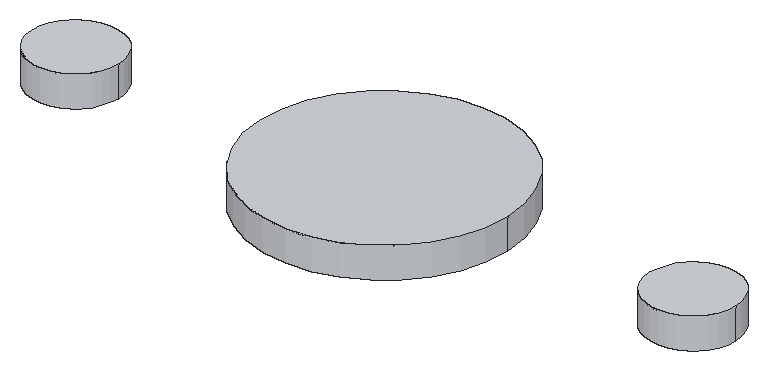
Revit family "Fi_Attentes_EU_EC_EF", category Appareils sanitaires, Revit 2017
Family settings
  Cote de connecteur circulaire = Utiliser le rayon
  Type d'élément = Normal
  Basée sur le plan de construction = Non
  Toujours verticalement = Oui
  Couper avec des vides une fois chargée = Non
  Partagée = Non
  Point de calcul de pièce = Non
Parameters (values of type "Bac a laver")
  Visibilite EU = yes
  Visibilite EF = yes
  Visibilite EC = yes
  Ventilation = yes
  RN EU = DN EU / 2  # 20 mm
  RN EF-EC = DN EF_EC / 2  # 7 mm
  Hauteur EU-EV = 0 mm
  Hauteur EC-EF = 0 mm
  EntreAxe EU/EC = 0 mm
  EntreAxe EC/EF = 100 mm
  Eaux usagées = yes
  DTU_EU = 0.75 L/s
  DTU_EF = 0.33 L/s
  DTU_EC = 0.33 L/s
  DN EU = 40 mm
  DN EF_EC = 14 mm
  Connexion EF = yes
  Connexion EC = yes
Types (7, lengths in mm): name | RN EU | RN EF-EC | DTU_EU | DTU_EF | DTU_EC | DN EU | DN EF_EC
  Bac a laver | 20 | 7 | 0.75 L/s | 0.33 L/s | 0.33 L/s | 40 | 14
  Evier | 20 | 6 | 0.75 L/s | 0.2 L/s | 0.2 L/s | 40 | 12
  Lave Mains | 20 | 5 | 0.5 L/s | 0.33 L/s | 0.33 L/s | 40 | 10
  Bidet | 20 | 5 | 0.5 L/s | 0.2 L/s | 0.2 L/s | 40 | 10
  Lavabo | 20 | 5 | 0.75 L/s | 0.2 L/s | 0.2 L/s | 40 | 10
  Douche | 20 | 5 | 0.5 L/s | 0.2 L/s | 0.2 L/s | 40 | 10
  Baignoire | 25 | 7 | 1.2 L/s | 0.33 L/s | 0.33 L/s | 50 | 14
Reference planes
  plane 1 "Centre (avant/arrière)": y = 0
  plane 2: z = 0
  plane 3 "Centre (gauche/droite)": x = 0
  plane 4: z = 0
  plane 5: z = 0
  plane 6: z = 5
  plane 7: z = 5
  plane 8: x = -50
  plane 9: x = 50
  plane 10: y = 0
Forms (mm)
  Extrusion 1, solid, visible <- "Visibilite EU"
    sketch origin (0, 0, 0) x (1, 0, 0) y (0, 1, 0)
      loop
        circle (0, 0) r 20
    from 0 to 5
  Extrusion 2, solid, visible <- "Visibilite EC"
    sketch origin (0, 0, 0) x (1, 0, 0) y (0, 1, 0)
      loop
        circle (-50, 0) r 7
    from 0 to 5
  Extrusion 3, solid, visible <- "Visibilite EF"
    sketch origin (0, 0, 0) x (1, 0, 0) y (0, 1, 0)
      loop
        circle (50, 0) r 7
    from 0 to 5
Dimensions and locks
  "Hauteur EU-EV": plane 4 to plane 2
  "Hauteur EC-EF": plane 5 to plane 2
  plane 6 to plane 4 = 5 mm
  plane 7 to plane 5 = 5 mm
  equal spacing: plane 8, plane 3 "Centre (gauche/droite)", plane 9
  "EntreAxe EU/EC": plane 10 to plane 1 "Centre (avant/arrière)"
  "EntreAxe EC/EF": plane 8 to plane 9
  plane 5 to plane 7 = 5 mm
  "RN EU": radius of Extrusion 1 sketch curve
  "RN EF-EC": radius of Extrusion 2 sketch curve
  "RN EF-EC": radius of Extrusion 3 sketch curve
  aligned and locked: level to plane 2
  aligned and locked: Extrusion 1 to plane 4
  aligned and locked: plane 6 to Extrusion 1
  aligned and locked: plane 7 to Extrusion 3
  aligned and locked: plane 7 to Extrusion 2
  aligned and locked: Extrusion 2 to plane 5
  aligned and locked: Extrusion 3 to plane 5
  aligned and locked: plane 8 to nested 2
  aligned and locked: nested 2 to plane 10
Automatic sketch dimensions
  plane 1 "Centre (avant/arrière)" to Extrusion 1 sketch curve = 0 mm
  Extrusion 1 sketch curve to plane 3 "Centre (gauche/droite)" = 0 mm
  Extrusion 2 sketch curve to plane 8 = 0 mm
  Extrusion 2 sketch curve to plane 10 = 0 mm
  Extrusion 3 sketch curve to plane 9 = 0 mm
  Extrusion 3 sketch curve to plane 10 = 0 mm
Nested families
  nested 1: "Fi_Symbole_EU" at (0, 0, 0), Symbole EU Rayon <- "RN EU", type "Fi_Symbole_EU"
    with Symbole EU Rayon 20 mm
  nested 2: "Fi_Symbole_EV-EC" at (-50, 0, 0), Symbole EV-EC Rayon <- "RN EF-EC", visible <- "Visibilite EC", type "Fi_Symbole_EV-EC"
    with Symbole EV-EC Rayon 7 mm
Connectors
  piping at (0, 0, 0), diameter 40, driven by "RN EU", driven by "DTU_EU"
    settings: on Extrusion 1, index 1, connector inside diameter 40 mm, connector length 0 mm, flow factor 0, pipe flow 0.75 L/s, pressure drop 0.0 Pa, fitting loss kfactor 0, connector angle 0.00°, fixture units 0, engagement length 0 mm, angle of deflection 0.00°, flow configuration 1, flow direction 2, fitting loss method 0, system type 16, joint type 0, gender type 0, connector reference index -1, connector utility 0, adjustable connector yes, is connector primary yes, connector description "EU"
  piping at (50, 0, 0), diameter 14, driven by "RN EF-EC", driven by "DTU_EF"
    settings: on Extrusion 3, index 2, connector inside diameter 15 mm, connector length 0 mm, flow factor 0, pipe flow 0.33 L/s, pressure drop 0.0 Pa, fitting loss kfactor 0, connector angle 0.00°, fixture units 0, engagement length 0 mm, angle of deflection 0.00°, flow configuration 1, flow direction 1, fitting loss method 0, system type 20, joint type 0, gender type 0, connector reference index -1, connector utility 0, adjustable connector no, is connector primary no, connector description "EF"
  piping at (-50, 0, 0), diameter 14, driven by "RN EF-EC", driven by "DTU_EC"
    settings: on Extrusion 2, index 3, connector inside diameter 15 mm, connector length 0 mm, flow factor 0, pipe flow 0.33 L/s, pressure drop 0.0 Pa, fitting loss kfactor 0, connector angle 0.00°, fixture units 0, engagement length 0 mm, angle of deflection 0.00°, flow configuration 1, flow direction 1, fitting loss method 0, system type 19, joint type 0, gender type 0, connector reference index -1, connector utility 0, adjustable connector no, is connector primary no, connector description "EC"
Definition of nested family "Fi_Symbole_EU"
  Parameters
    Symbole EU Rayon [instance] = 50 mm
  Reference planes
    plane 1 "Centre (avant/arrière)": y = 0
    plane 2: z = 0
    plane 3 "Centre (gauche/droite)": x = 0
    plane 4: through (0, 0, 4000) normal (-0.7071, -0.7071, 0)
    plane 5: through (127.56, -56.849, 4000) normal (-0.7071, -0.7071, 0)
    plane 6: through (160.373, -231.084, 4000) normal (-0.7071, -0.7071, 0)
    plane 7: through (0, 0, 4000) normal (-0.7071, 0.7071, 0)
  Lines and regions (mm)
    Filled region 1, type "Uni - Noir", in view "Niveau de réf."
      outline origin (0, 0, 0) x (1, 0, 0) y (0, 1, 0)
        loop
          arc (-35.355, -35.355) -> (35.355, -35.355) -> (35.355, 35.355) r 50
          line (35.355, 35.355) -> (-35.355, -35.355)
    detail lines, in view "Niveau de réf."
      curve 1: circle (0, 0, 0) r 50 normal (0, 0, 1)
  Dimensions and locks
    "Symbole EU Rayon": plane 6 to plane 4
    "Symbole EU Rayon": plane 4 to plane 5
    "Symbole EU Rayon": radius of curve 1
    locked: plane 4 to plane 1 "Centre (avant/arrière)" (angle 45.00°)
    aligned and locked: plane 6 to Filled region 1 sketch curve
    aligned and locked: Filled region 1 sketch curve to plane 7
  Automatic sketch dimensions
    plane 1 "Centre (avant/arrière)" to Filled region 1 sketch curve = 0 mm
    Filled region 1 sketch curve to plane 3 "Centre (gauche/droite)" = 0 mm
    plane 1 "Centre (avant/arrière)" to curve 1 = 0 mm
    curve 1 to plane 3 "Centre (gauche/droite)" = 0 mm
Definition of nested family "Fi_Symbole_EV-EC"
  Parameters
    Symbole EV-EC Rayon [instance] = 50 mm
  Reference planes
    plane 1 "Centre (avant/arrière)": y = 0
    plane 2: z = 0
    plane 3 "Centre (gauche/droite)": x = 0
  Lines and regions (mm)
    Filled region 1, type "Uni - Noir", in view "Niveau de réf."
      outline origin (0, 0, 0) x (1, 0, 0) y (0, 1, 0)
        loop
          circle (0, 0) r 50
  Dimensions and locks
    "Symbole EV-EC Rayon": radius of Filled region 1 sketch curve
  Automatic sketch dimensions
    plane 1 "Centre (avant/arrière)" to Filled region 1 sketch curve = 0 mm
    Filled region 1 sketch curve to plane 3 "Centre (gauche/droite)" = 0 mm
